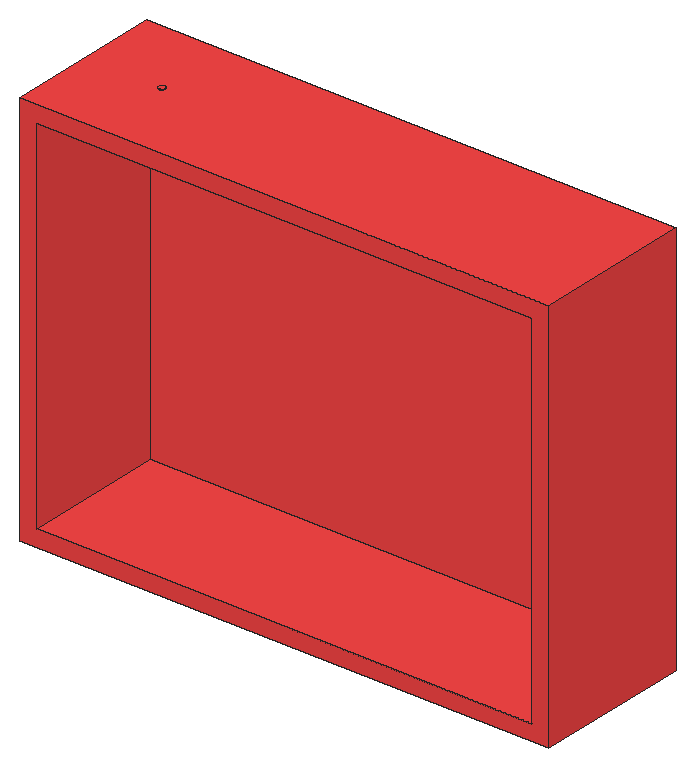
Revit family "Cabina mural para agua nebulizada_Aguilera Extincion", category Equipos mecánicos, Revit 2017
Family settings
  Anfitrión = Muro
  Cota de conector redondo = Radio de uso
  Tipo de pieza = Normal
  Número OmniClass = 23.65.70.17.11.27
  Título OmniClass = Cabinets for Fire Hoses
  Siempre vertical = Sí
  Corte con vacíos al cargar = No
  Compartido = No
  Punto de cálculo de habitación = No
Parameters (values of type "Cabina mural para agua nebulizada")
  URL = "http://aguilera.es/?productos=cabina-mural-para-agua-nebulizada"
  Símbolo texto modelo = yes
  Símbolo = yes
  Rt = D manguera / 2  # 4.75 mm
  Presión trabajo = 140.0 Pa  # constant formula
  Presión pruebas = 330.0 Pa  # constant formula
  Modelo = "AN/CM1"
  Fondo = 240 mm  # constant formula
  Flujo mínimo = 25.0 L/min  # constant formula
  Flujo máximo = 11.0 L/min  # constant formula
  Flujo [instance] = 11.0 L/min
  Fabricante = "Aguilera Extinción"  # constant formula
  Descripción = "Boca de incendio para sistemas de agua nebulizada de alta presión Microaqua de Aguilera Extinción. Se compone de un armario mural donde se aloja una lanza para  agua  nebulizada  y  un  carrete  axial  con  recogida  automática. Lanza de agua nebulizada especialmente diseñada para la lucha contra fuegos manualmente desde el propio origen del mismo. El diseño de la lanza proporciona una lucha eficaz contra el fuego y una protección al usuario de la misma, creando una cortina nebulizadora que le protege del fuego. Válido para aquellas aplicaciones donde por razones técnicas o económicas no es posible realizar una instalación fija de difusores."  # constant formula
  D manguera = 9.5 mm  # constant formula
  Comentarios de tipo = "Cabina  montaje  mural  disponible  en  dos terminaciones: Acero al carbono 1.5 mm espesor pintada al horno (RAL 3000); Acero inoxidable AISI-304. Dimensiones (alto-ancho-fondo): 600 X 800 X 240. Carrete axial recogida automática. Manguera 3/8”. Longitud 25 m  (consultar para otras longitudes). Boquilla: Dispone de 4 difusores direccionales centrales y 8 laterales. Caudal variable entre 11/25 litros por minuto según modelo. Presión pruebas:  330 bar. Presión trabajo:   140 bar. Rápida respuesta ante un conato de incendio, atacándolo desde el origen del mismo. Reducido consumo de agua. Instalación sencilla. Los daños producidos por el agua se minimizan."  # constant formula
  Ancho = 800 mm  # constant formula
  Alto = 600 mm  # constant formula
Reference planes
  plane 1 "Muro": y = 0
  plane 2 "Centro (Izquierda/Derecha)": x = 125
  plane 3 "Posterior": y = 75
Forms (mm)
  Extrusion 1, solid, material "Acero rojo", detail levels medium+fine
    sketch origin (-421.6, 75, 0) x (1, 0, 0) y (0, 0, 1)
      loop
        line (946.6, 1010.176) -> (946.6, 1610.176) -> (146.6, 1610.176) -> (146.6, 1010.176) -> (946.6, 1010.176)
      loop
        line (921.6, 1585.176) -> (171.6, 1585.176) -> (171.6, 1035.176) -> (921.6, 1035.176) -> (921.6, 1585.176)
    from 0 to -240
  Extrusion 2, solid, material "Acero rojo", detail levels medium+fine
    sketch origin (525, 75, 1610.176) x (-1, 0, 0) y (0, -1, 0)
      loop
        circle (684.572, -124.429) r 4.75
    from 0 to -7.932
  Extrusion 3, solid, material "Acero rojo", detail levels medium+fine
    sketch origin (-421.6, 315, 0) x (-1, 0, 0) y (0, 0, 1)
      loop
        line (-921.6, 1585.176) -> (-921.6, 1035.176) -> (-171.6, 1035.176) -> (-171.6, 1585.176) -> (-921.6, 1585.176)
    from 0 to -25
Text (mm)
  text "Placement Side" at (-1848.837, 1116.779, 0), in view "Nivel de referencia"
  text "Placement side" at (0, 1409.804, 2854.306), in view "Izquierda"
  text "Placement side" at (0, 499.811, 2980.732), in view "Derecha"
Dimensions and locks
  locked: plane 3 "Posterior" to host wall
  "D manguera": diameter of Extrusion 2 sketch curve
  aligned and locked: plane 1 "Muro" to host wall
  aligned and locked: Extrusion 3 sketch curve to Extrusion 1  (x4)
Automatic sketch dimensions
  Extrusion 1 sketch curve to plane 2 "Centro (Izquierda/Derecha)" = 400 mm
  plane 2 "Centro (Izquierda/Derecha)" to Extrusion 1 sketch curve = 375 mm
  Extrusion 1 sketch curve to Extrusion 1 sketch curve = 25 mm  (x4)
  level to Extrusion 1 sketch curve = 1010.176 mm
  Extrusion 1 sketch curve to Extrusion 1 sketch curve = 550 mm
  Extrusion 2 sketch curve to Extrusion 1 = 115.428 mm
  Extrusion 1 to Extrusion 2 sketch curve = 115.571 mm
Nested families
  nested 1: "S_Cabina mural_Aguilera Extinción" at (125, 190.753, 0) x (-1, 0, 0) z (0, 0, 1), visible <- "Símbolo", type "S_Cabina mural_Aguilera Extinción", detail levels coarse
Connectors
  piping at (-159.572, 199.429, 1610.176), diameter 9.5, driven by "Rt", driven by "Flujo"
    settings: on Extrusion 2, index 1, connector inside diameter 609.6 mm, connector length 0 mm, flow factor 0, pipe flow 11.0 L/min, pressure drop 0.0 Pa, fitting loss kfactor 0, connector angle 0.00°, fixture units 0, engagement length 0 mm, angle of deflection 0.00°, flow configuration 0, flow direction 1, fitting loss method 0, system type 23, joint type 0, gender type 0, connector reference index -1, connector utility 0, adjustable connector no, is connector primary yes, connector description ""
Definition of nested family "S_Cabina mural_Aguilera Extinción"
  Parameters (values of type "S_Cabina mural_Aguilera Extinción")
    Texto símbolo = "Cabina mural"
    Texto modelo = yes
    Modelo = "AN/CM1"
  Reference planes
    plane 1: y = 0
    plane 2: x = 0
  Lines and regions (mm)
    detail lines
      curve 1: line (-3.008, -3.913, 0) -> (3.008, -3.913, 0)
      curve 2: line (-3.008, 3.913, 0) -> (-3.008, -3.913, 0)
      curve 3: line (3.008, 3.913, 0) -> (-3.008, 3.913, 0)
      curve 4: line (3.008, -3.913, 0) -> (3.008, 3.913, 0)
      curve 5: arc (0, -0.956, 0) -> (-1.182, 0.226, 0) -> (0, 1.409, 0) r 1.182
      curve 6: arc (0, -1.456, 0) -> (-1.682, 0.226, 0) -> (0, 1.909, 0) r 1.682
      curve 7: arc (0, -1.956, 0) -> (-2.182, 0.226, 0) -> (0, 2.409, 0) r 2.182
      curve 8: arc (0, 1.909, 0) -> (1.432, 0.476, 0) -> (0, -0.956, 0) r 1.432
      curve 9: arc (0, -1.456, 0) -> (1.932, 0.476, 0) -> (0, 2.409, 0) r 1.932
      curve 10: arc (0, 1.409, 0) -> (0.956, 0.453, 0) -> (0, -0.503, 0) r 0.956
  Text (mm)
    label "Texto símbolo" at (0.106, 3.208, 0), shows "Texto símbolo"
    label "Modelo" at (0.106, -3.021, 0), shows "Modelo", visible <- "Texto modelo"
